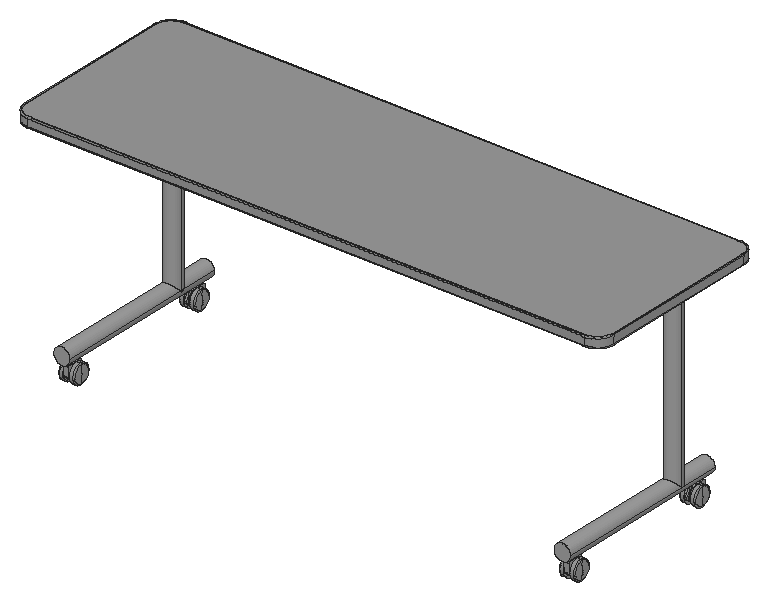
Revit family "Trios C Leg 7224", category Generic Models, Revit 2018
Family settings
  Can host rebar = No
  Round Connector Dimension = Use Diameter
  Part Type = Normal
  Work Plane-Based = No
  Always vertical = Yes
  Cut with Voids When Loaded = No
  Shared = No
  Room Calculation Point = No
Parameters
  Surface = Trio C Leg 7224 Surface
  Leg Finish = Trio Leg Platinum
  Grommets = Trios 7224 Tabletop : Trios 7224 Tabletop
  Edgeband = Trio C Leg 7224 Edgeband
  Caster/Glider = Trios C Leg - Casters : Trios C Leg - Casters
Reference planes (in)
  plane 1 "Center (Front/Back)": y = 0
  plane 2: z = 0
  plane 3 "Center (Left/Right)": x = 0
Forms (in)
  Extrusion 1, solid, material "Trio Leg Platinum" <- "Leg Finish"
    sketch origin (0, 0, -0.03275) x (0, 1, 0) y (0, 0, 1)
      loop
        line (0.5, 27.80073) -> (-0.5, 27.80073) -> (-0.5, 26.80073) -> (0.5, 26.80073) -> (0.5, 27.80073)
    from -27.5 to 27.5
Dimensions and locks (in)
  aligned and locked: plane 2 to level
Nested families (in)
  nested 1: "Trios C Leg - Casters" at (-30.58071, 0, 0), type <- "Caster/Glider", type "Trios C Leg - Casters"
  nested 2: "Trios C Leg - Casters" at (30.58071, 0, 0) x (-1, 0, 0) z (0, 0, 1), type <- "Caster/Glider", type "Trios C Leg - Casters"
  nested 3: "Trios 7224 Tabletop" at (0, 0, -0.0495), type <- "Grommets", type "Trios 7224 Tabletop"
Definition of nested family "Trios C Leg - Casters"
  Parameters (values of type "Trios C Leg - Casters")
    Leg Finish = none
  Reference planes (in)
    plane 1 "Center (Front/Back)": y = 0
    plane 2: z = 0
    plane 3 "Center (Left/Right)": x = 0
  Forms (in)
    Revolve 1, solid
      sketch origin (24.58071, -9.2026, 0) x (1, 0, 0) y (0, 0, 1)
        loop
          line (-24.97071, 0.96467) -> (-24.19071, 0.96467) -> (-24.19071, 0) -> (-23.75169, 0)
          arc (-23.75169, 0) -> (-23.6768, 0.03102) -> (-23.64578, 0.10591) r 0.10591
          arc (-23.64578, 0.10591) -> (-23.60985, 0.63116) -> (-23.59787, 1.1575) r 11.56601
          line (-23.59787, 1.1575) -> (-25.56355, 1.1575)
          arc (-25.56355, 1.1575) -> (-25.55156, 0.63116) -> (-25.51564, 0.10591) r 11.56601
          arc (-25.51564, 0.10591) -> (-25.48462, 0.03102) -> (-25.40973, 0) r 0.10591
          line (-25.40973, 0) -> (-24.97071, 0) -> (-24.97071, 0.96467)
        axis (-23.59787, 1.1575) -> (-25.56355, 1.1575)
      angle from 0 to 360
    Extrusion 2, solid
      sketch origin (24.58071, -2.50544, 0) x (0, 1, 0) y (0, 0, 1)
        loop
          line (-7.72966, 0.8701) -> (-5.67751, 0.8701)
          arc (-5.67751, 0.8701) -> (-5.59637, 0.90001) -> (-5.55407, 0.97544) r 0.125
          arc (-5.55407, 0.97544) -> (-5.81666, 1.90885) -> (-6.69716, 2.315) r 1.1575
          line (-6.69716, 2.315) -> (-7.72966, 2.315)
          arc (-7.72966, 2.315) -> (-7.81805, 2.27839) -> (-7.85466, 2.19) r 0.125
          line (-7.85466, 2.19) -> (-7.85466, 0.9951)
          arc (-7.85466, 0.9951) -> (-7.81805, 0.90671) -> (-7.72966, 0.8701) r 0.125
      from -24.89567 to -24.26575
    Revolve 3, solid
      sketch origin (24.58071, -9.99, 0) x (1, 0, 0) y (0, 0, 1)
        loop
          line (-24.58071, 2.74648) -> (-24.58071, 2.315) -> (-24.39321, 2.315) -> (-24.39321, 2.402) -> (-24.26248, 2.402) -> (-24.26248, 2.55948) -> (-24.39321, 2.55948) -> (-24.39321, 2.74648) -> (-24.58071, 2.74648)
        axis (-24.58071, 2.315) -> (-24.58071, 2.74648)
      angle from 0 to 360
    Extrusion 4, solid
      sketch origin (24.58071, -2.50544, 0) x (0, 1, 0) y (0, 0, 1)
        loop
          arc (-5.36095, 1.27372) -> (-5.63909, 1.69661) -> (-5.81774, 2.1702) r 2.29458
          arc (-5.81774, 2.1702) -> (-5.87342, 2.23656) -> (-5.96002, 2.23454) r 0.1
          line (-5.96002, 2.23454) -> (-6.11283, 2.15668)
          arc (-6.11283, 2.15668) -> (-5.66582, 1.68299) -> (-5.54534, 1.04293) r 1.1575
          line (-5.54534, 1.04293) -> (-5.39253, 1.12079)
          arc (-5.39253, 1.12079) -> (-5.34, 1.18966) -> (-5.36095, 1.27372) r 0.1
      from -24.70571 to -24.45571
    Revolve 5, solid
      sketch origin (24.58071, 9.2026, 0) x (1, 0, 0) y (0, 0, -1)
        loop
          line (-24.97071, -0.96467) -> (-24.97071, 0) -> (-25.40973, 0)
          arc (-25.40973, 0) -> (-25.48462, -0.03102) -> (-25.51564, -0.10591) r 0.10591
          arc (-25.51564, -0.10591) -> (-25.55156, -0.63116) -> (-25.56355, -1.1575) r 11.56601
          line (-25.56355, -1.1575) -> (-23.59787, -1.1575)
          arc (-23.59787, -1.1575) -> (-23.60985, -0.63116) -> (-23.64578, -0.10591) r 11.56601
          arc (-23.64578, -0.10591) -> (-23.6768, -0.03102) -> (-23.75169, 0) r 0.10591
          line (-23.75169, 0) -> (-24.19071, 0) -> (-24.19071, -0.96467) -> (-24.97071, -0.96467)
        axis (-23.59787, -1.1575) -> (-25.56355, -1.1575)
      angle from 0 to 360
    Extrusion 6, solid
      sketch origin (24.58071, 2.50544, 0) x (0, -1, 0) y (0, 0, -1)
        loop
          arc (-7.72966, -0.8701) -> (-7.81805, -0.90671) -> (-7.85466, -0.9951) r 0.125
          line (-7.85466, -0.9951) -> (-7.85466, -2.19)
          arc (-7.85466, -2.19) -> (-7.81805, -2.27839) -> (-7.72966, -2.315) r 0.125
          line (-7.72966, -2.315) -> (-6.69716, -2.315)
          arc (-6.69716, -2.315) -> (-5.81666, -1.90885) -> (-5.55407, -0.97544) r 1.1575
          arc (-5.55407, -0.97544) -> (-5.59637, -0.90001) -> (-5.67751, -0.8701) r 0.125
          line (-5.67751, -0.8701) -> (-7.72966, -0.8701)
      from -24.89567 to -24.26575
    Revolve 7, solid
      sketch origin (24.58071, 9.99, 0) x (1, 0, 0) y (0, 0, -1)
        loop
          line (-24.58071, -2.74648) -> (-24.39321, -2.74648) -> (-24.39321, -2.55948) -> (-24.26248, -2.55948) -> (-24.26248, -2.402) -> (-24.39321, -2.402) -> (-24.39321, -2.315) -> (-24.58071, -2.315) -> (-24.58071, -2.74648)
        axis (-24.58071, -2.315) -> (-24.58071, -2.74648)
      angle from 0 to 360
    Extrusion 8, solid
      sketch origin (24.58071, 2.50544, 0) x (0, -1, 0) y (0, 0, -1)
        loop
          arc (-5.36095, -1.27372) -> (-5.34, -1.18966) -> (-5.39253, -1.12079) r 0.1
          line (-5.39253, -1.12079) -> (-5.54534, -1.04293)
          arc (-5.54534, -1.04293) -> (-5.66582, -1.68299) -> (-6.11283, -2.15668) r 1.1575
          line (-6.11283, -2.15668) -> (-5.96002, -2.23454)
          arc (-5.96002, -2.23454) -> (-5.87342, -2.23656) -> (-5.81774, -2.1702) r 0.1
          arc (-5.81774, -2.1702) -> (-5.63909, -1.69661) -> (-5.36095, -1.27372) r 2.29458
      from -24.70571 to -24.45571
    Extrusion 9, solid, material <- "Leg Finish"
      sketch origin (0, 6, 0) x (1, 0, 0) y (0, 1, 0)
        loop
          circle (0, 0) r 1
      from 3.56048 to 27.50948
    Extrusion 10, solid, material <- "Leg Finish"
      sketch origin (0, 0, 0) x (1, 0, 0) y (0, 0, 1)
        loop
          circle (0, 3.56048) r 1
      from -11 to 11
    Extrusion 11, solid, material <- "Leg Finish"
      sketch origin (0, 0, 0) x (1, 0, 0) y (0, 1, 0)
        loop
          line (-3, 9.75) -> (-3, 2.25)
          arc (-3, 2.25) -> (-2.92678, 2.07322) -> (-2.75, 2) r 0.25
          line (-2.75, 2) -> (2.75, 2)
          arc (2.75, 2) -> (2.92678, 2.07322) -> (3, 2.25) r 0.25
          line (3, 2.25) -> (3, 9.75)
          arc (3, 9.75) -> (2.92678, 9.92678) -> (2.75, 10) r 0.25
          line (2.75, 10) -> (-2.75, 10)
          arc (-2.75, 10) -> (-2.92678, 9.92678) -> (-3, 9.75) r 0.25
      from 27.50948 to 27.71848
  Dimensions and locks (in)
    aligned and locked: plane 2 to level
Definition of nested family "Trios 7224 Tabletop"
  Parameters (values of type "Trios 7224 Tabletop")
    Surface = none
    Edgeband = none
  Reference planes (in)
    plane 1 "Center (Front/Back)": y = 0
    plane 2: z = 0
    plane 3 "Center (Left/Right)": x = 0
  Forms (in)
    Extrusion 1, solid, material <- "Surface"
      sketch origin (0, 0, 0) x (1, 0, 0) y (0, 1, 0)
        loop
          line (34, 11.79342) -> (-34, 11.79342)
          arc (-34, 11.79342) -> (-35.3307, 11.24223) -> (-35.88189, 9.91153) r 1.88189
          line (-35.88189, 9.91153) -> (-35.88189, -9.91153)
          arc (-35.88189, -9.91153) -> (-35.3307, -11.24223) -> (-34, -11.79342) r 1.88189
          line (-34, -11.79342) -> (34, -11.79342)
          arc (34, -11.79342) -> (35.3307, -11.24223) -> (35.88189, -9.91153) r 1.88189
          line (35.88189, -9.91153) -> (35.88189, 9.91153)
          arc (35.88189, 9.91153) -> (35.3307, 11.24223) -> (34, 11.79342) r 1.88189
      from 27.76798 to 28.96798
    Sweep 2, solid, material <- "Edgeband"
      path origin (0, 0, 0) x (1, 0, 0) y (0, 1, 0)
        loop
          line (34, 11.79342) -> (-34, 11.79342)
          arc (-34, 11.79342) -> (-35.3307, 11.24223) -> (-35.88189, 9.91153) r 1.88189
          line (-35.88189, 9.91153) -> (-35.88189, -9.91153)
          arc (-35.88189, -9.91153) -> (-35.3307, -11.24223) -> (-34, -11.79342) r 1.88189
          line (-34, -11.79342) -> (34, -11.79342)
          arc (34, -11.79342) -> (35.3307, -11.24223) -> (35.88189, -9.91153) r 1.88189
          line (35.88189, -9.91153) -> (35.88189, 9.91153)
          arc (35.88189, 9.91153) -> (35.3307, 11.24223) -> (34, 11.79342) r 1.88189
      profile origin (0, 11.79342, 0) x (0, -1, 0) y (0, 0, 1)
        loop
          arc (0, 28.96798) -> (-0.08352, 28.93339) -> (-0.11811, 28.84987) r 0.11811
          line (-0.11811, 28.84987) -> (-0.11811, 27.88609)
          arc (-0.11811, 27.88609) -> (-0.08352, 27.80257) -> (0, 27.76798) r 0.11811
          line (0, 27.76798) -> (0, 28.96798)
  Dimensions and locks (in)
    aligned and locked: plane 2 to level
